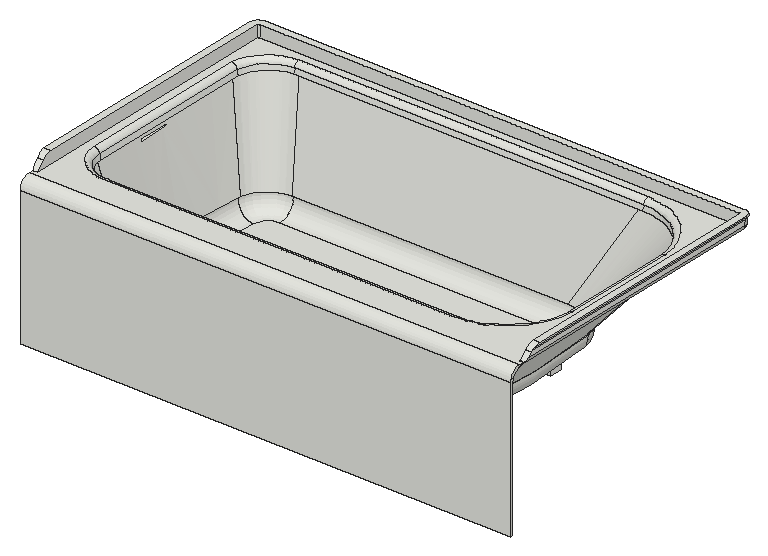
Revit family "Bath-Alcove-KOHLER-AVEC-K-25832", category Plumbing Fixtures, host Face, Revit 2021
Family settings
  Host = Face
  Round Connector Dimension = Use Diameter
  Part Type = Normal
  OmniClass Number = 23.31.15.00
  OmniClass Title = Bathtubs
  Cut with Voids When Loaded = No
  Shared = No
  Room Calculation Point = No
Parameters (values of type "Left Drain, NY-Dune")
  Width = 36"  # constant formula
  WaterSense Certified = 1 = 0  # no
  Waste Water Outlet = "Waste Water Outlet"  # constant formula
  Waste Connection = 1 = 1  # yes
  Vent Connection = 1 = 0  # no
  URL = "https://www.us.kohler.com/us/"
  Type = 3
  Right Drain = or(Type = 4, Type = 5, Type = 6)  # no
  Product Page URL = "http://www.us.kohler.com/us/catalog/productDetails.jsp?productId=25832-LA"
  Product Name = "AVEC\r\n"  # constant formula
  Product Documentation Link = "https://www.us.kohler.com/webassets/kpna/catalog/pdf/en/K-25832-LA_spec_US-CA_Kohler_en.pdf"
  Model = if(Type = 1, "K-25832-LA-0", if(Type = 2, "K-25832-LA-96", if(Type = 3, "K-25832-LA-NY", if(Type = 4, "K-25832-RA-0", if(Type = 5, "K-25832-RA-96", if(Type = 6, "K-25832-RA-NY", "NA"))))))  # "K-25832-LA-NY"
  Material = "Acrylic\r\n"  # constant formula
  Master Format 2014 Name = "Residential Bathtubs"  # constant formula
  Master Format 2014 = "22 41 19"  # constant formula
  Manufacturer Address = "444 Highland Dr, Kohler, WI 53044"  # constant formula
  Manufacturer = "Kohler Co."  # constant formula
  Length = 60"  # constant formula
  Left Drain = or(Type = 1, Type = 2, Type = 3)  # yes
  Hot Water Inlet = "Hot Water Inlet"  # constant formula
  Height = 19.3622"  # constant formula
  HW Connection = 1 = 0  # no
  Finish = KOHLER-Acrylic-NY-Dune
  Environmental Product Declaration = ""
  Drain Included = 1 = 0  # no
  Distance 1 = if(Right Drain, 10.51969", 49.56299")  # 49.56299"
  Description = if(or(Type = 1, Type = 2, Type = 3), "NEW CORE 60 X 30 INCH IA BATH LEFT HAND DRAIN", "NEW CORE 60 X 30 INCH IA BATH RIGHT HAND DRAIN")  # "NEW CORE 60 X 30 INCH IA BATH LEFT HAND DRAIN"
  Default Elevation = 0"
  Declare Label = ""
  Date Modified = "01/09/2023"  # constant formula
  Date Created = "01/09/2023"  # constant formula
  Copyright = "Copyright Kohler Co."  # constant formula
  Contact Us = "https://www.us.kohler.com/us/static/contact.jsp"
  Cold Water Inlet = "Cold Water Inlet"  # constant formula
  CW Connection = 1 = 0  # no
  Assembly Code = "D2010500"
  ADA Compliant = 1 = 0  # no
Types (7): name | Type | Right Drain | Product Page URL | Product Documentation Link | Model | Left Drain | Finish | Distance 1 | Description
  (no name) | 3 | no | "http://www.us.kohler.com/us/catalog/productDetails.jsp?productId=25832-LA" | "https://www.us.kohler.com/webassets/kpna/catalog/pdf/en/K-25832-LA_spec_US-CA_Kohler_en.pdf" | "K-25832-LA-NY" | yes | KOHLER-Acrylic-NY-Dune | 49.56299" | "NEW CORE 60 X 30 INCH IA BATH LEFT HAND DRAIN"
  Right Drain, 0-White | 4 | yes | "http://www.us.kohler.com/us/catalog/productDetails.jsp?productId=25832-RA" | "https://www.us.kohler.com/webassets/kpna/catalog/pdf/en/K-25832-RA_spec_US-CA_Kohler_en.pdf" | "K-25832-RA-0" | no | KOHLER-Acrylic-0-White | 10.51969" | "NEW CORE 60 X 30 INCH IA BATH RIGHT HAND DRAIN"
  Left Drain, 0-White | 1 | no | "http://www.us.kohler.com/us/catalog/productDetails.jsp?productId=25832-LA" | "https://www.us.kohler.com/webassets/kpna/catalog/pdf/en/K-25832-LA_spec_US-CA_Kohler_en.pdf" | "K-25832-LA-0" | yes | KOHLER-Acrylic-0-White | 49.56299" | "NEW CORE 60 X 30 INCH IA BATH LEFT HAND DRAIN"
  Left Drain, 96-Biscuit | 2 | no | "http://www.us.kohler.com/us/catalog/productDetails.jsp?productId=25832-LA" | "https://www.us.kohler.com/webassets/kpna/catalog/pdf/en/K-25832-LA_spec_US-CA_Kohler_en.pdf" | "K-25832-LA-96" | yes | KOHLER-Acrylic-96-Biscuit | 49.56299" | "NEW CORE 60 X 30 INCH IA BATH LEFT HAND DRAIN"
  Left Drain, NY-Dune | 3 | no | "http://www.us.kohler.com/us/catalog/productDetails.jsp?productId=25832-LA" | "https://www.us.kohler.com/webassets/kpna/catalog/pdf/en/K-25832-LA_spec_US-CA_Kohler_en.pdf" | "K-25832-LA-NY" | yes | KOHLER-Acrylic-NY-Dune | 49.56299" | "NEW CORE 60 X 30 INCH IA BATH LEFT HAND DRAIN"
  Right Drain, 96-Biscuit | 5 | yes | "http://www.us.kohler.com/us/catalog/productDetails.jsp?productId=25832-RA" | "https://www.us.kohler.com/webassets/kpna/catalog/pdf/en/K-25832-RA_spec_US-CA_Kohler_en.pdf" | "K-25832-RA-96" | no | KOHLER-Acrylic-96-Biscuit | 10.51969" | "NEW CORE 60 X 30 INCH IA BATH RIGHT HAND DRAIN"
  Right Drain, NY-Dune | 6 | yes | "http://www.us.kohler.com/us/catalog/productDetails.jsp?productId=25832-RA" | "https://www.us.kohler.com/webassets/kpna/catalog/pdf/en/K-25832-RA_spec_US-CA_Kohler_en.pdf" | "K-25832-RA-NY" | no | KOHLER-Acrylic-NY-Dune | 10.51969" | "NEW CORE 60 X 30 INCH IA BATH RIGHT HAND DRAIN"
Reference planes (in)
  plane 1 "Center (Front/Back)": y = 0
  plane 2: z = 0
  plane 3 "Center (Left/Right)": x = 0
  plane 4: z = 17.99213
  plane 5: z = 0
  plane 6: y = 18
  plane 7: y = -12
  plane 8: x = -30
  plane 9: x = 30
  plane 10: x = -19.56299
  plane 11: y = 1.37402
  plane 12: x = 23.90157
  plane 13 "B": x = -19.56299
  plane 14: y = -18
  plane 15: y = 12.5
  plane 16: y = 14.74803
  plane 17: y = -14.74803
  plane 18: x = 19.48031
  plane 19: x = -23.90157
  plane 20: x = 27.48031
  plane 21: x = -28.46457
  plane 22: z = 19.3622
  plane 23: z = 1.98301
Forms (in)
  Revolve 1, solid, material "KOHLER-Acrylic-NY-Dune" <- "Finish", detail levels medium+fine
    sketch origin (-19.56299, 0, 0) x (0, -1, 0) y (0, 0, 1)
      loop
        line (-1.37402, 1.98301) -> (-1.37402, 2.17986) -> (-1.52927, 2.17986) -> (-1.52927, 1.98301) -> (-1.37402, 1.98301)
      axis (-1.37402, 2.17986) -> (-1.37402, 1.98301)
    angle from 0 to 360
Dimensions and locks (in)
  "Length": plane 8 to plane 9
  "Distance 1": plane 13 "B" to plane 9
  plane 17 to plane 16 = 29.49606"
  plane 7 to plane 15 = 24 1/2"
  plane 21 to plane 20 = 55.94488"
  plane 19 to plane 18 = 43.38189"
  "Width": plane 14 to plane 6
  "Height": plane 22 to level
  aligned and locked: plane 2 to host face
  aligned and locked: level to host face
  aligned and locked: plane 1 "Center (Front/Back)" to nested 1
  aligned and locked: plane 9 to nested 1
Automatic sketch dimensions
  host sketch curve to host sketch curve = 96"  (x2)
  plane 11 to Revolve 1 sketch curve = 0"  (x2)
  Revolve 1 sketch curve to plane 11 = 0.15525"
  level to Revolve 1 sketch curve = 1.98301"
  Revolve 1 sketch curve to Revolve 1 sketch curve = 0.19685"
  Revolve 1 sketch curve to Revolve 1 sketch curve = 0.12528"
  Revolve 1 sketch curve to Revolve 1 sketch curve = 0.43525"
Nested families (in)
  nested 1: "K-25832" at (0, 0, 0), visible <- "Left Drain", type "K-25832"
  nested 2: "K-25832" at (0, 0, 0) x (-1, 0, 0) z (0, 0, 1), visible <- "Right Drain", type "K-25832"
Connectors (in)
  piping at (-19.56299, 1.37402, 1.98301), diameter 1.5, driven by "Waste Connection", driven by "Waste Water Outlet"
    settings: on Revolve 1, index 1, connector inside diameter 24", connector length 0", flow factor 0, pipe flow 0 GPM, pressure drop 0.00 psi, fitting loss kfactor 0, connector angle 0.00°, fixture units 0, engagement length 0", angle of deflection 0.00°, flow configuration 0, flow direction 2, fitting loss method 0, system type 16, joint type 0, gender type 0, connector reference index -1, connector utility 1, adjustable connector no, is connector primary yes, connector description "Waste Water Outlet"
Definition of nested family "K-25832"
  Parameters (values of type "K-25832")
    Material = none
    Default Elevation = 0"
  Reference planes (in)
    plane 1 "Center (Front/Back)": y = 0
    plane 2: z = 0
    plane 3 "Center (Left/Right)": x = 0
    plane 4: z = 17.99213
    plane 5: z = 19.3622
    plane 6: x = -30
    plane 7: x = 30
    plane 8: y = -18
    plane 9: y = 18
    plane 10: x = -19.48031
    plane 11: x = -28.46457
    plane 12: x = 27.48031
    plane 13: x = -23.90157
    plane 14: x = 19.56299
    plane 15 "2": y = 1.37402
    plane 16: z = 18.12205
    plane 17: y = 1.15256
    plane 18: y = -14.74803
    plane 19: y = 14.74803
    plane 20: y = -12.5
    plane 21: y = 12.5
    plane 22: z = 1.98301
  Forms (in)
    Blend 1, solid, material <- "Material", detail levels medium+fine
      base sketch origin (0, 0, 0) x (1, 0, 0) y (0, 1, 0)
        loop
          arc (16.53107, -6.8197) -> (16.95405, 1.62242) -> (16.4534, 10.06029) r 77.35443
          arc (16.4534, 10.06029) -> (15.03373, 12.79962) -> (12.15077, 13.89868) r 4.33071
          line (12.15077, 13.89868) -> (-21.9648, 13.89868)
          arc (-21.9648, 13.89868) -> (-24.85584, 12.7924) -> (-26.26984, 10.03876) r 4.33071
          arc (-26.26984, 10.03876) -> (-26.73197, 1.603) -> (-26.27874, -6.83325) r 77.97703
          arc (-26.27874, -6.83325) -> (-24.86594, -9.5899) -> (-21.97321, -10.6977) r 4.33071
          line (-21.97321, -10.6977) -> (12.22408, -10.6977)
          arc (12.22408, -10.6977) -> (15.12188, -9.58535) -> (16.53107, -6.8197) r 4.33071
      top sketch origin (0, 0, 0) x (1, 0, 0) y (0, 1, 0)
        loop
          arc (-29.09802, -9.12688) -> (-27.27067, -12.87858) -> (-23.38382, -14.39741) r 5.73287
          line (-23.38382, -14.39741) -> (18.90291, -14.39741)
          arc (18.90291, -14.39741) -> (25.24721, -11.8886) -> (28.15979, -5.71923) r 9.27618
          arc (28.15979, -5.71923) -> (28.38611, 1.37729) -> (28.14914, 8.47347) r 108.81471
          arc (28.14914, 8.47347) -> (25.23218, 14.63415) -> (18.89251, 17.13838) r 9.27684
          line (18.89251, 17.13838) -> (-23.36051, 17.13838)
          arc (-23.36051, 17.13838) -> (-27.24246, 15.62407) -> (-29.07362, 11.88113) r 5.73287
          arc (-29.07362, 11.88113) -> (-29.51618, 1.37762) -> (-29.09802, -9.12688) r 128.40168
      from 4.9249 to 17.85675
    Blend 2, void
      base sketch origin (0, 0, 0) x (1, 0, 0) y (0, 1, 0)
        loop
          arc (-25.49592, -6.74847) -> (-24.33999, -9.00392) -> (-21.97321, -9.9103) r 3.54331
          line (-21.97321, -9.9103) -> (10.64928, -9.9103)
          arc (10.64928, -9.9103) -> (13.02021, -9.00019) -> (14.17318, -6.73739) r 3.54331
          arc (14.17318, -6.73739) -> (14.59186, 1.6188) -> (14.0963, 9.97078) r 76.56702
          arc (14.0963, 9.97078) -> (12.93475, 12.21205) -> (10.57596, 13.11128) r 3.54331
          line (10.57596, 13.11128) -> (-21.9648, 13.11128)
          arc (-21.9648, 13.11128) -> (-24.33019, 12.20614) -> (-25.48711, 9.95317) r 3.54331
          arc (-25.48711, 9.95317) -> (-25.94456, 1.60259) -> (-25.49592, -6.74847) r 77.18962
      top sketch origin (0, 0, 0) x (1, 0, 0) y (0, 1, 0)
        loop
          arc (-28.09284, -9.04555) -> (-26.58694, -12.13729) -> (-23.38382, -13.38894) r 4.72441
          line (-23.38382, -13.38894) -> (18.70606, -13.38894)
          arc (18.70606, -13.38894) -> (24.36063, -11.15288) -> (26.95657, -5.65422) r 8.26772
          arc (26.95657, -5.65422) -> (27.1808, 1.37654) -> (26.94603, 8.40695) r 107.80625
          arc (26.94603, 8.40695) -> (24.34616, 13.89792) -> (18.69566, 16.12992) r 8.26838
          line (18.69566, 16.12992) -> (-23.36051, 16.12992)
          arc (-23.36051, 16.12992) -> (-26.55959, 14.88199) -> (-28.06863, 11.79746) r 4.72441
          arc (-28.06863, 11.79746) -> (-28.50772, 1.37645) -> (-28.09284, -9.04555) r 127.39322
      from 3.55617 to 17.85675
    Sweep 3, solid, material <- "Material", detail levels medium+fine
      path origin (0, 0, 0) x (1, 0, 0) y (0, 1, 0)
        loop
          line (-23.38382, -13.38894) -> (18.90291, -13.38894)
          arc (18.90291, -13.38894) -> (24.55748, -11.15288) -> (27.15342, -5.65422) r 8.26772
          arc (27.15342, -5.65422) -> (27.37765, 1.37654) -> (27.14288, 8.40695) r 107.80625
          arc (27.14288, 8.40695) -> (24.54301, 13.89792) -> (18.89251, 16.12992) r 8.26838
          line (18.89251, 16.12992) -> (-23.36051, 16.12992)
          arc (-23.36051, 16.12992) -> (-26.55959, 14.88199) -> (-28.06863, 11.79746) r 4.72441
          arc (-28.06863, 11.79746) -> (-28.50772, 1.37645) -> (-28.09284, -9.04555) r 127.39322
          arc (-28.09284, -9.04555) -> (-26.58694, -12.13729) -> (-23.38382, -13.38894) r 4.72441
      profile origin (-26.58694, -12.13729, 0) x (-0.677994, -0.735067, 0) y (0, 0, 1)
        loop
          line (-0.7874, 16.81102) -> (-0.0141, 16.81102) -> (0.09395, 17.4238)
          arc (0.09395, 17.4238) -> (0.16128, 17.54041) -> (0.28781, 17.58646) r 0.19685
          line (0.28781, 17.58646) -> (0.61476, 17.58646) -> (0.61476, 17.99213) -> (0.0155, 17.99213)
          arc (0.0155, 17.99213) -> (-0.44002, 17.82633) -> (-0.6824, 17.40652) r 0.70866
          line (-0.6824, 17.40652) -> (-0.7874, 16.81102)
    Extrusion 4, solid, material <- "Material", detail levels medium+fine
      sketch origin (0, 0, 0) x (1, 0, 0) y (0, 1, 0)
        loop
          arc (29.19576, 17.01575) -> (29.14303, 17.14303) -> (29.01575, 17.19576) r 0.18001
          line (29.01575, 17.19576) -> (-29.01575, 17.19576)
          arc (-29.01575, 17.19576) -> (-29.14303, 17.14303) -> (-29.19576, 17.01575) r 0.18001
          line (-29.19576, 17.01575) -> (-29.19576, -16.19105) -> (29.19576, -16.19105) -> (29.19576, 17.01575)
        loop
          line (-23.38382, -14.0037) -> (18.90291, -14.0037)
          arc (18.90291, -14.0037) -> (24.97794, -11.60138) -> (27.76691, -5.69385) r 8.88248
          arc (27.76691, -5.69385) -> (27.99241, 1.377) -> (27.7563, 8.4475) r 108.42101
          arc (27.7563, 8.4475) -> (24.96313, 14.34673) -> (18.89251, 16.74468) r 8.88314
          line (18.89251, 16.74468) -> (-23.36051, 16.74468)
          arc (-23.36051, 16.74468) -> (-26.97587, 15.33436) -> (-28.68127, 11.84847) r 5.33917
          arc (-28.68127, 11.84847) -> (-29.12248, 1.37717) -> (-28.7056, -9.09513) r 128.00798
          arc (-28.7056, -9.09513) -> (-27.00375, -12.58918) -> (-23.38382, -14.0037) r 5.33917
      from 17.85675 to 17.99213
    Sweep 5, solid, material <- "Material", detail levels medium+fine
      path origin (0, 0, 0) x (1, 0, 0) y (0, 1, 0)
        loop
          line (-30, -16.19105) -> (-30, 17.01575)
          arc (-30, 17.01575) -> (-29.71172, 17.71172) -> (-29.01575, 18) r 0.98425
          line (-29.01575, 18) -> (29.01575, 18)
          arc (29.01575, 18) -> (29.71172, 17.71172) -> (30, 17.01575) r 0.98425
          line (30, 17.01575) -> (30, -16.87448)
      profile origin (0, 18, 0) x (0, 1, 0) y (0, 0, 1)
        loop
          arc (-0.13241, 18.98653) -> (-0.09546, 19.10863) -> (0.00297, 19.18977) r 0.22025
          line (0.00297, 19.18977) -> (0.00297, 19.38662) -> (-0.80424, 19.38662) -> (-0.80424, 17.85675) -> (-0.64381, 17.85675)
          arc (-0.64381, 17.85675) -> (-0.28219, 18.00654) -> (-0.13241, 18.36816) r 0.51141
          line (-0.13241, 18.36816) -> (-0.13241, 18.98653)
    Extrusion 6, void
      sketch origin (0, -3.59252, 0) x (0, 1, 0) y (0, 0, 1)
        loop
          line (-10.2526, 19.40404) -> (-9.38842, 19.40404) -> (-9.38842, 19.6378) -> (-13.71431, 19.6378) -> (-13.71431, 16.74097) -> (-11.61598, 18.8393)
          arc (-11.61598, 18.8393) -> (-10.99046, 19.25727) -> (-10.2526, 19.40404) r 1.92811
      from -32.79571 to 31.90324
    Extrusion 7, solid, material <- "Material", detail levels medium+fine
      sketch origin (0, -3.14961, 0) x (0, 1, 0) y (0, 0, 1)
        loop
          line (-14.95518, 0) -> (-14.70912, 0) -> (-14.70912, 16.60221)
          arc (-14.70912, 16.60221) -> (-14.67858, 16.8455) -> (-14.58884, 17.0737) r 0.98425
          arc (-14.58884, 17.0737) -> (-13.94046, 17.73579) -> (-13.04144, 17.96063) r 1.70397
          line (-13.04144, 17.96063) -> (-13.04144, 17.99213) -> (-13.57723, 17.99213)
          arc (-13.57723, 17.99213) -> (-14.55159, 17.58853) -> (-14.95518, 16.61417) r 1.37795
          line (-14.95518, 16.61417) -> (-14.95518, 0)
      from -29.7028 to 29.62129
    Extrusion 8, solid, material <- "Material", detail levels medium+fine
      sketch origin (0, 0, 0) x (1, 0, 0) y (0, 1, 0)
        loop
          line (13.30746, 9.89107) -> (9.76415, 9.89107) -> (9.76415, 8.37436) -> (13.30746, 8.37436) -> (13.30746, 9.89107)
        loop
          line (13.25825, -5.6109) -> (9.71494, -5.6109) -> (9.71494, -7.12761) -> (13.25825, -7.12761) -> (13.25825, -5.6109)
        loop
          line (-18.28703, -5.6109) -> (-21.83034, -5.6109) -> (-21.83034, -7.12761) -> (-18.28703, -7.12761) -> (-18.28703, -5.6109)
        loop
          line (-18.28703, 9.89107) -> (-21.83034, 9.89107) -> (-21.83034, 8.37436) -> (-18.28703, 8.37436) -> (-18.28703, 9.89107)
      from 0.0037 to 2.55082
    Extrusion 9, void
      sketch origin (-116.071, 0, -1.4795) x (0, 1, 0) y (0, 0, 1)
        loop
          line (1.85449, 17.14811) -> (-1.85449, 17.14811)
          arc (-1.85449, 17.14811) -> (-1.9726, 17.03) -> (-1.85449, 16.91189) r 0.11811
          line (-1.85449, 16.91189) -> (1.85449, 16.91189)
          arc (1.85449, 16.91189) -> (1.9726, 17.03) -> (1.85449, 17.14811) r 0.11811
      from 87.20144 to 92.31565
    Sweep 10, solid, material <- "Material", detail levels medium+fine
      path origin (0, 0, 0) x (1, 0, 0) y (0, 1, 0)
        loop
          arc (16.4534, 10.06029) -> (15.03373, 12.79962) -> (12.15077, 13.89868) r 4.33071
          line (12.15077, 13.89868) -> (-21.9648, 13.89868)
          arc (-21.9648, 13.89868) -> (-24.85584, 12.7924) -> (-26.26984, 10.03876) r 4.33071
          arc (-26.26984, 10.03876) -> (-26.73197, 1.603) -> (-26.27874, -6.83325) r 77.97703
          arc (-26.27874, -6.83325) -> (-24.86594, -9.5899) -> (-21.97321, -10.6977) r 4.33071
          line (-21.97321, -10.6977) -> (12.22408, -10.6977)
          arc (12.22408, -10.6977) -> (15.12188, -9.58535) -> (16.53107, -6.8197) r 4.33071
          arc (16.53107, -6.8197) -> (16.95405, 1.62242) -> (16.4534, 10.06029) r 77.35443
      profile origin (-4.90702, 13.89868, 0) x (0, 1, 0) y (0, 0, 1)
        loop
          line (0, 4.78839) -> (0, 4.9249) -> (-0.39844, 4.9249)
          arc (-0.39844, 4.9249) -> (-0.92281, 3.44558) -> (-2.3622, 2.81989) r 1.9685
          line (-2.3622, 2.81989) -> (-3.54331, 2.81989) -> (-3.54331, 2.42619) -> (-2.3622, 2.42619)
          arc (-2.3622, 2.42619) -> (-0.69187, 3.11806) -> (0, 4.78839) r 2.3622
    Extrusion 11, solid, material <- "Material", detail levels medium+fine
      sketch origin (0, 0, 0) x (1, 0, 0) y (0, 1, 0)
        loop
          arc (12.93306, 9.65748) -> (12.67494, 10.15554) -> (12.15077, 10.35537) r 0.7874
          line (12.15077, 10.35537) -> (-21.9648, 10.35537)
          arc (-21.9648, 10.35537) -> (-22.49044, 10.15423) -> (-22.74754, 9.65357) r 0.7874
          arc (-22.74754, 9.65357) -> (-23.18866, 1.60113) -> (-22.75603, -6.45177) r 74.43372
          arc (-22.75603, -6.45177) -> (-22.49916, -6.95298) -> (-21.97321, -7.1544) r 0.7874
          line (-21.97321, -7.1544) -> (12.22408, -7.1544)
          arc (12.22408, -7.1544) -> (12.75096, -6.95215) -> (13.00717, -6.44931) r 0.7874
          arc (13.00717, -6.44931) -> (13.41078, 1.60612) -> (12.93306, 9.65748) r 73.81112
      from 2.42619 to 2.81989
    Revolve 12, void
      sketch origin (0, 1.37402, 0) x (1, 0, 0) y (0, 0, 1)
        loop
          line (-19.47212, 2.47443) -> (-18.46479, 2.47443)
          arc (-18.46479, 2.47443) -> (-18.26636, 2.52115) -> (-18.10963, 2.6515) r 0.4447
          line (-18.10963, 2.6515) -> (-17.83514, 3.01577) -> (-19.47212, 3.01577) -> (-19.47212, 2.47443)
        axis (-19.47212, 3.01577) -> (-19.47212, 2.47443)
      angle from 0 to 360
    Revolve 13, solid, material <- "Material", detail levels coarse
      sketch origin (0, 1.37402, 0) x (1, 0, 0) y (0, 0, 1)
        loop
          line (-19.47443, 2.37035) -> (-19.11082, 2.37035) -> (-19.11082, 2.64193) -> (-18.47138, 2.64193) -> (-18.47138, 2.72193) -> (-18.94441, 2.90193) -> (-18.13124, 2.90193)
          arc (-18.13124, 2.90193) -> (-18.08119, 2.94371) -> (-18.11333, 3.00042) r 0.05087
          arc (-18.11333, 3.00042) -> (-18.78273, 3.18543) -> (-19.47443, 3.24763) r 3.86432
          line (-19.47443, 3.24763) -> (-19.47443, 2.37035)
        axis (-19.47443, 3.24763) -> (-19.47443, 2.37035)
      angle from 0 to 360
    Revolve 14, solid, material <- "Material"
      sketch origin (-0.06152, 1.37402, 0) x (1, 0, 0) y (0, 0, 1)
        loop
          line (-19.47464, 2.17986) -> (-18.49039, 2.17986) -> (-18.49039, 1.98301) -> (-18.06813, 1.98301)
          arc (-18.06813, 1.98301) -> (-17.86455, 2.03283) -> (-17.70698, 2.17102) r 0.44088
          line (-17.70698, 2.17102) -> (-17.52831, 2.42619) -> (-19.47464, 2.42619) -> (-19.47464, 2.17986)
        axis (-19.47464, 2.42619) -> (-19.47464, 1.98301)
      angle from 0 to 360
    Blend 15, solid, material <- "Material", detail levels coarse
      base sketch origin (0, 0.18694, 0) x (1, 0, 0) y (0, 1, 0)
        loop
          arc (16.53107, -6.8197) -> (16.95405, 1.62242) -> (16.4534, 10.06029) r 77.35443
          arc (16.4534, 10.06029) -> (15.03373, 12.79962) -> (12.15077, 13.89868) r 4.33071
          line (12.15077, 13.89868) -> (-21.9648, 13.89868)
          arc (-21.9648, 13.89868) -> (-24.85584, 12.7924) -> (-26.26984, 10.03876) r 4.33071
          arc (-26.26984, 10.03876) -> (-26.73197, 1.603) -> (-26.27874, -6.83325) r 77.97703
          arc (-26.27874, -6.83325) -> (-24.86594, -9.5899) -> (-21.97321, -10.6977) r 4.33071
          line (-21.97321, -10.6977) -> (12.22408, -10.6977)
          arc (12.22408, -10.6977) -> (15.12188, -9.58535) -> (16.53107, -6.8197) r 4.33071
      top sketch origin (0, 0.18694, 0) x (1, 0, 0) y (0, 1, 0)
        loop
          arc (-29.49172, -9.12688) -> (-27.66437, -12.87858) -> (-23.77752, -14.39741) r 5.73287
          line (-23.77752, -14.39741) -> (19.69031, -14.39741)
          arc (19.69031, -14.39741) -> (26.03461, -11.8886) -> (28.94719, -5.71923) r 9.27618
          arc (28.94719, -5.71923) -> (29.17351, 1.37729) -> (28.93655, 8.47347) r 108.81471
          arc (28.93655, 8.47347) -> (26.01959, 14.63415) -> (19.67991, 17.13838) r 9.27684
          line (19.67991, 17.13838) -> (-23.75421, 17.13838)
          arc (-23.75421, 17.13838) -> (-27.63616, 15.62407) -> (-29.46732, 11.88113) r 5.73287
          arc (-29.46732, 11.88113) -> (-29.90988, 1.37762) -> (-29.49172, -9.12688) r 128.40168
      from 2.37035 to 17.85675
    Extrusion 16, solid, material <- "Material", detail levels coarse
      sketch origin (0, 0, 0) x (1, 0, 0) y (0, 1, 0)
        loop
          line (30, 18) -> (-30, 18) -> (-30, -16.72363) -> (30, -16.72363) -> (30, 18)
        loop
          arc (28.14914, 8.66041) -> (25.23218, 14.82109) -> (18.89251, 17.32532) r 9.27684
          line (18.89251, 17.32532) -> (-23.36051, 17.32532)
          arc (-23.36051, 17.32532) -> (-27.24246, 15.81101) -> (-29.07362, 12.06807) r 5.73287
          arc (-29.07362, 12.06807) -> (-29.51618, 1.56456) -> (-29.09802, -8.93994) r 128.40168
          arc (-29.09802, -8.93994) -> (-27.27067, -12.69164) -> (-23.38382, -14.21047) r 5.73287
          line (-23.38382, -14.21047) -> (18.90291, -14.21047)
          arc (18.90291, -14.21047) -> (25.24721, -11.70166) -> (28.15979, -5.5323) r 9.27618
          arc (28.15979, -5.5323) -> (28.38611, 1.56423) -> (28.14914, 8.66041) r 108.81471
      from 16.70063 to 17.85675
    Extrusion 17, solid, material <- "Material", detail levels coarse
      sketch origin (0, 0, 0) x (1, 0, 0) y (0, 1, 0)
        loop
          line (30.00297, -16.72363) -> (30.00297, 18.00297) -> (-30.00297, 18.00297) -> (-30.00297, -16.19105) -> (-29.19576, -16.19105) -> (-29.19576, 17.19576) -> (29.19576, 17.19576) -> (29.19576, -16.72363) -> (30.00297, -16.72363)
      from 17.85675 to 19.38662
    Extrusion 18, solid, material <- "Material", detail levels coarse
      sketch origin (0, 0, 0) x (0, 1, 0) y (0, 0, 1)
        loop
          line (-18.10479, 16.41732) -> (-18.10479, 0) -> (-17.85873, 0) -> (-17.85873, 16.40536)
          arc (-17.85873, 16.40536) -> (-17.53492, 17.26749) -> (-16.72363, 17.7033) r 1.30962
          line (-16.72363, 17.7033) -> (-16.72363, 17.86445)
          arc (-16.72363, 17.86445) -> (-17.70408, 17.41755) -> (-18.10479, 16.41732) r 1.4487
      from -29.63281 to 29.57028
    Extrusion 19, solid, material <- "Material", detail levels coarse
      sketch origin (0, 0, 0) x (1, 0, 0) y (0, 1, 0)
        loop
          line (13.30746, 9.89107) -> (9.76415, 9.89107) -> (9.76415, 8.37436) -> (13.30746, 8.37436) -> (13.30746, 9.89107)
        loop
          line (13.25825, -5.6109) -> (9.71494, -5.6109) -> (9.71494, -7.12761) -> (13.25825, -7.12761) -> (13.25825, -5.6109)
        loop
          line (-18.28703, -5.6109) -> (-21.83034, -5.6109) -> (-21.83034, -7.12761) -> (-18.28703, -7.12761) -> (-18.28703, -5.6109)
        loop
          line (-18.28703, 9.89107) -> (-21.83034, 9.89107) -> (-21.83034, 8.37436) -> (-18.28703, 8.37436) -> (-18.28703, 9.89107)
      from 0 to 2.55082
  Cuts and joins
    Blend 2, Extrusion 9 cuts Blend 1
    Extrusion 6 cuts Sweep 5
    Revolve 12 cuts Sweep 10
    Revolve 12 cuts Extrusion 11
    joined: Blend 1, Sweep 3, Extrusion 4, Sweep 5, Extrusion 7, Sweep 10, Extrusion 11
    Blend 2 cuts Blend 15
    joined: Blend 15, Extrusion 16, Extrusion 17, Extrusion 18, Extrusion 19
  Lines and regions (in)
    Masking region 1
      outline origin (0, 0, 0) x (1, 0, 0) y (0, 1, 0)
        loop
          line (-30, 18) -> (-30, -18) -> (30, -18) -> (30, 18) -> (-30, 18)
    Masking region 2
      outline origin (0, 0, 0) x (1, 0, 0) y (0, 0, 1)
        loop
          line (0, 0) -> (30, 0) -> (30, 19.3622) -> (0, 19.3622) -> (-30, 19.3622) -> (-30, 0) -> (0, 0)
    Masking region 3
      outline origin (0, 0, 0) x (0, 1, 0) y (0, 0, 1)
        loop
          line (-18, 0) -> (-17.64429, 0) -> (-17.64429, 16.85504)
          arc (-17.64429, 16.85504) -> (-17.41366, 17.41182) -> (-16.85689, 17.64244) r 0.7874
          line (-16.85689, 17.64244) -> (-14.33609, 17.64244) -> (-10.47316, 4.14003)
          arc (-10.47316, 4.14003) -> (-9.62425, 2.90366) -> (-8.20207, 2.42756) r 2.3622
          line (-8.20207, 2.42756) -> (-7.15317, 2.42756) -> (-7.15317, 0) -> (-5.57837, 0) -> (-5.57837, 2.42756) -> (-0.92081, 2.42756)
          arc (-0.92081, 2.42756) -> (-0.73372, 2.38027) -> (-0.59158, 2.24974) r 0.3937
          arc (-0.59158, 2.24974) -> (-0.37836, 2.05396) -> (-0.09772, 1.98301) r 0.59055
          line (-0.09772, 1.98301) -> (2.40284, 1.98301)
          arc (2.40284, 1.98301) -> (2.68348, 2.05396) -> (2.89669, 2.24974) r 0.59055
          arc (2.89669, 2.24974) -> (3.03884, 2.38027) -> (3.22593, 2.42756) r 0.3937
          line (3.22593, 2.42756) -> (8.37436, 2.42756) -> (8.37436, 0) -> (9.89107, 0) -> (9.89107, 2.42756) -> (11.4645, 2.42756)
          arc (11.4645, 2.42756) -> (12.91882, 2.92833) -> (13.75654, 4.2183) r 2.3622
          line (13.75654, 4.2183) -> (17.10355, 17.64244) -> (17.38734, 17.67728)
          arc (17.38734, 17.67728) -> (17.75766, 17.87212) -> (17.90592, 18.26343) r 0.59055
          line (17.90592, 18.26343) -> (17.90592, 19.05084)
          arc (17.90592, 19.05084) -> (17.93148, 19.13758) -> (18, 19.19661) r 0.15997
          line (18, 19.19661) -> (18, 19.3622) -> (-15.21239, 19.3622)
          arc (-15.21239, 19.3622) -> (-15.46774, 19.31141) -> (-15.68421, 19.16677) r 0.66725
          line (-15.68421, 19.16677) -> (-16.24974, 18.60124)
          arc (-16.24974, 18.60124) -> (-16.43779, 18.47665) -> (-16.65954, 18.43525) r 0.56698
          arc (-16.65954, 18.43525) -> (-17.6061, 18.05616) -> (-18, 17.11566) r 1.31975
          line (-18, 17.11566) -> (-18, 0)
    symbolic lines, detail levels medium+fine
      curve 1: line (0, -17.26818, 0) -> (-29.59953, -17.26818, 0)
      curve 2: line (-29.40305, -16.59476, 0) -> (-29.40305, 16.20847, 0)
      curve 3: line (-28.22195, 17.38957, 0) -> (28.22195, 17.38957, 0)
      curve 4: line (29.40305, -16.59476, 0) -> (29.40305, 16.20847, 0)
      curve 5: arc (-30, -17.66188, 0) -> (-29.56243, -17.20613, 0) -> (-29.40305, -16.59476, 0) r 1.25228
      curve 10: arc (-17.74553, 1.37402, 0) -> (-19.52756, 3.15604, 0) -> (-21.30959, 1.37402, 0) r 1.78203
      curve 11: arc (-21.30959, 1.37402, 0) -> (-19.52756, -0.40801, 0) -> (-17.74553, 1.37402, 0) r 1.78203
      curve 12: circle (-19.52756, 1.37402, 0) r 2.013 normal (0, 0, 1)
      curve 14: circle (-19.52756, 1.37402, 0) r 1.48875 normal (0, 0, 1)
      curve 15: spline (-23.56354, 10.66198, 0) -> (-23.49259, 11.06298, 0) -> (-23.37474, 11.45277, 0) -> (-23.21163, 11.82588, 0) -> (-23.00557, 12.17706, 0) -> (-22.75944, 12.50139, 0) -> (-22.47669, 12.79431, 0) -> (-22.16131, 13.05172, 0) -> (-21.81771, 13.26999, 0) -> (-21.45071, 13.44606, 0) -> (-21.06549, 13.57746, 0) -> (-20.66743, 13.66235, 0) -> (-20.26213, 13.69953, 0)
      curve 16: line (-20.26213, 13.69953, 0) -> (10.5493, 14.23735, 0)
      curve 17: arc (25.24561, 9.49357, 0) -> (24.56487, 11.3533, 0) -> (23.18169, 12.77062, 0) r 4.72441
      curve 18: line (16.91044, 14.66593, 0) -> (-23.70284, 14.66593, 0)
      curve 23: line (0, -17.26818, 0) -> (29.59953, -17.26818, 0)
      curve 24: arc (30, -17.66188, 0) -> (29.56243, -17.20613, 0) -> (29.40305, -16.59476, 0) r 1.25228
      curve 25: arc (-29.40305, 16.20847, 0) -> (-29.05712, 17.04363, 0) -> (-28.22195, 17.38957, 0) r 1.1811
      curve 26: arc (28.22195, 17.38957, 0) -> (29.05712, 17.04363, 0) -> (29.40305, 16.20847, 0) r 1.1811
      curve 27: arc (-30, 16.84823, 0) -> (-29.66208, 17.66405, 0) -> (-28.84626, 18.00197, 0) r 1.15374
      curve 28: arc (28.8125, 18.00197, 0) -> (29.65219, 17.65416, 0) -> (30, 16.81447, 0) r 1.1875
      curve 29: line (-30, 0, 17.99213) -> (30, 0, 17.99213)
      curve 30: line (-29.6063, 0, 19.10341) -> (-29.6063, 0, 17.99213)
      curve 31: line (29.6063, 0, 17.99213) -> (29.6063, 0, 19.10341)
      curve 32: line (25.20945, 0, 17.99213) -> (26.20462, 0, 18.37413)
      curve 33: line (26.94439, 0, 18.21689) -> (27.16916, 0, 17.99213)
      curve 34: arc (26.20462, 0, 18.37413) -> (26.59779, 0, 18.40508) -> (26.94439, 0, 18.21689) r 0.69432
      curve 35: arc (-29.80784, 0, 19.3622) -> (-29.66263, 0, 19.26742) -> (-29.6063, 0, 19.10341) r 0.26692
      curve 36: arc (29.6063, 0, 19.10341) -> (29.65061, 0, 19.25648) -> (29.76985, 0, 19.3622) r 0.28652
      curve 37: line (0, 17.90592, 19.07937) -> (0, -12.06243, 19.07937)
      curve 38: line (0, 16.95914, 17.06323) -> (0, -14.17038, 17.06323)
      curve 39: line (0, -13.65439, 17.99213) -> (0, 17.83991, 17.99213)
      curve 40: arc (0, -12.48001, 18.9064) -> (0, -12.28842, 19.03442) -> (0, -12.06243, 19.07937) r 0.59055
      curve 41: line (0, 2.65683, 16.03002) -> (0, 0.09777, 16.03002)
      curve 42: line (0, 0.09777, 16.03002) -> (0, 0.09777, 15.66861)
      curve 43: line (0, 0.09777, 15.66861) -> (0, 2.65683, 15.66861)
      curve 44: line (0, 2.65683, 15.66861) -> (0, 2.65683, 16.03002)
      curve 46: arc (25.64204, 3.5913, 0) -> (25.47001, 6.5442, 0) -> (25.24561, 9.49357, 0) r 166.71299
      curve 50: spline (-23.56354, -10.66198, 0) -> (-23.49264, -11.06278, 0) -> (-23.37489, -11.45237, 0) -> (-23.21192, -11.82531, 0) -> (-23.00604, -12.17635, 0) -> (-22.76013, -12.50058, 0) -> (-22.47763, -12.79345, 0) -> (-22.16251, -13.05085, 0) -> (-21.81919, -13.26916, 0) -> (-21.45248, -13.44534, 0) -> (-21.06753, -13.5769, 0) -> (-20.66974, -13.662, 0) -> (-20.26468, -13.69945, 0)
      curve 51: line (-20.26468, -13.69945, 0) -> (13.32237, -14.32087, 0)
      curve 52: arc (25.24398, -9.50501, 0) -> (24.56179, -11.35819, 0) -> (23.18169, -12.77062, 0) r 4.72441
      curve 53: line (16.91044, -14.66593, 0) -> (-23.86104, -14.66593, 0)
      curve 60: arc (25.64204, 3.5913, 0) -> (25.80942, -2.96799, 0) -> (25.24398, -9.50501, 0) r 58.72266
      curve 63: line (0, 9.89107, 2.42756) -> (0, 8.37436, 2.42756)
      curve 64: line (0, 3.22593, 2.42756) -> (0, -0.92081, 2.42756)
      curve 65: line (0, -5.57837, 2.42756) -> (0, -7.15317, 2.42756)
      curve 66: line (0, 17.10355, 17.64244) -> (0, -14.33609, 17.64244)
      curve 67: arc (0, -14.33609, 17.64244) -> (0, -13.34861, 18.18714) -> (0, -12.48001, 18.9064) r 6.02192
      curve 69: arc (-23.56354, 10.66198, 0) -> (-23.90157, 0, 0) -> (-23.56354, -10.66198, 0) r 168.31533
      curve 70: arc (18.37489, 11.26064, 0) -> (19.56281, 0.13841, 0) -> (18.43197, -10.98977, 0) r 53.95748
      curve 71: arc (18.43197, -10.98977, 0) -> (17.2201, -13.18979, 0) -> (14.98134, -14.32852, 0) r 4.272
      curve 72: line (-23.70284, 14.66593, 0) -> (-27.76824, 11.05643, 0)
      curve 73: line (-27.76824, 11.05643, 0) -> (-28.16532, -0.00934, 0)
      curve 74: line (-23.66569, -14.50197, 0) -> (-27.57278, -11.03302, 0)
      curve 75: line (23.18169, -12.77062, 0) -> (16.91044, -14.66593, 0)
      curve 76: line (23.18169, 12.77062, 0) -> (16.91044, 14.66593, 0)
      curve 77: arc (-28.16532, -0.00934, 0) -> (-27.88626, -5.5221, 0) -> (-27.57278, -11.03302, 0) r 884.00656
      curve 78: arc (10.5493, 14.23735, 0) -> (12.68204, 14.25137, 0) -> (14.81458, 14.21898, 0) r 98.01365
      curve 79: arc (14.81458, 14.21898, 0) -> (17.10738, 13.35677, 0) -> (18.37489, 11.26064, 0) r 3.74016
      curve 80: arc (13.32237, -14.32087, 0) -> (14.15183, -14.33009, 0) -> (14.98134, -14.32852, 0) r 63.81404
    symbolic lines
      curve 6: arc (-21.97468, 10.67014, 0) -> (-22.30748, 7.92895, 0) -> (-22.35961, 5.16813, 0) r 27.10162
      curve 7: arc (-20.69769, 11.81019, 0) -> (-3.49054, 12.45933, 0) -> (13.7287, 12.38967, 0) r 412.43945
      curve 8: arc (-21.97468, 10.67014, 0) -> (-21.5347, 11.46251, 0) -> (-20.69769, 11.81019, 0) r 1.37795
      curve 9: arc (15.97633, 10.53823, 0) -> (15.17173, 11.85148, 0) -> (13.7287, 12.38967, 0) r 2.3622
      curve 13: circle (-19.52756, 1.37402, 0) r 1.37795 normal (0, 0, 1)
      curve 19: arc (27.01365, 10.3203, 0) -> (26.30303, 12.2507, 0) -> (24.86542, 13.72199, 0) r 4.92126
      curve 20: line (24.86542, 13.72199, 0) -> (18.37654, 15.68307, 0)
      curve 21: line (18.37654, 15.68307, 0) -> (-23.66589, 15.68307, 0)
      curve 22: line (-23.66589, 15.68307, 0) -> (-27.96369, 11.86723, 0)
      curve 45: arc (27.40968, 3.67606, 0) -> (27.22569, 6.99902, 0) -> (27.01365, 10.3203, 0) r 394.25685
      curve 47: arc (-20.66483, -11.02358, 0) -> (-3.47411, -11.67211, 0) -> (13.7287, -11.60252, 0) r 412.04575
      curve 48: arc (-21.94182, -9.88353, 0) -> (-21.50183, -10.67591, 0) -> (-20.66483, -11.02358, 0) r 1.37795
      curve 49: arc (15.97633, -9.75107, 0) -> (15.17173, -11.06432, 0) -> (13.7287, -11.60252, 0) r 2.3622
      curve 54: arc (27.01365, -10.3203, 0) -> (26.30303, -12.2507, 0) -> (24.86542, -13.72199, 0) r 4.92126
      curve 55: line (24.86542, -13.72199, 0) -> (18.37654, -15.68307, 0)
      curve 56: line (18.37654, -15.68307, 0) -> (-23.66589, -15.68307, 0)
      curve 57: line (-23.66589, -15.68307, 0) -> (-27.96369, -11.86723, 0)
      curve 58: arc (-22.35961, 5.16813, 0) -> (-22.69363, -2.37277, 0) -> (-21.94182, -9.88353, 0) r 52.45339
      curve 59: arc (15.97633, -9.75107, 0) -> (17.08457, 0.39358, 0) -> (15.97633, 10.53823, 0) r 46.98543
      curve 61: arc (27.40968, 3.67606, 0) -> (27.61062, -3.33341, 0) -> (27.01365, -10.3203, 0) r 61.60358
      curve 68: arc (-27.96369, 11.86723, 0) -> (-28.47136, 0, 0) -> (-27.96369, -11.86723, 0) r 138.95777
    model lines
      curve 62: line (29.57028, 0, 17.99213) -> (29.62129, 0, 17.99213)
  Dimensions and locks (in)
    plane 4 to level = 17.99213"
    plane 5 to level = 19.3622"
    locked: plane 6 to plane 11 at 1.53543
    locked: plane 11 to plane 12 at 55.94488
    locked: plane 13 to plane 14 at 43.46457
    locked: plane 6 to plane 7 at 60
    locked: plane 6 to plane 10 at 10.51969
    locked: plane 12 to plane 7 at 2.51969
    locked: plane 8 to plane 9 at 36
    locked: plane 8 to plane 15 "2" at 19.37402
    locked: plane 4 to level at 17.99213
    locked: plane 5 to plane 4 at 1.37008
    locked: plane 16 to level at 18.12205
    plane 8 to plane 1 "Center (Front/Back)" to plane 9 = 18", 18"
    plane 18 to plane 19 = 29.49606"
    plane 20 to plane 21 = 25"
    aligned and locked: level to plane 2
    aligned and locked: Blend 1 to Blend 2
